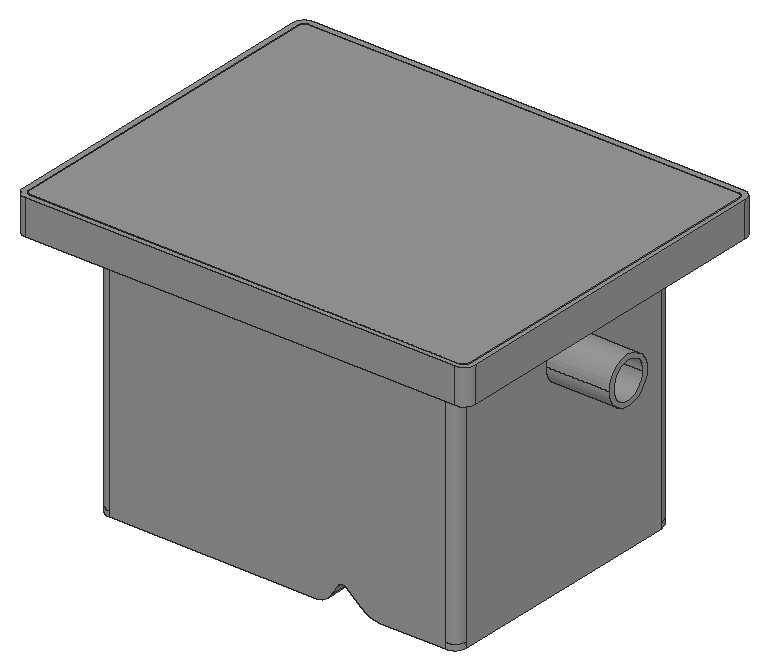
Revit family "Lil_S", category Plumbing Fixtures, Revit 2019
Family settings
  Round Connector Dimension = Use Diameter
  Part Type = Normal
  Work Plane-Based = No
  Always vertical = Yes
  Cut with Voids When Loaded = No
  Shared = No
  Room Calculation Point = No
Parameters (values of type "Lil-7-SA")
  top 2 = 2"
  URL = "www.mifab.com"
  TOP1 = 1 1/2"
  TOP THK = 1 1/2"
  Pressure Drop = 0.00 psi
  Model = "MI-G-1-PL-PSB-FSCR"
  Mechanical Flow = 7 GPM
  Material = Polyethylene, High Density
  Manufacturer = "MIFAB"
  FULL DIM = 6"
  F2 = F / 2 - 51/256"  # 205/256"
  F/2 = F / 2  # 1"
  F = 2"
  E = 12 1/2"
  Description = "7GPM Lil Max Sand Interceptor"
  D = 9"
  C = 3 1/2"
  BOTTOM 1 = 9"
  B = 15 1/2"
  A+1 = (A + 1") / 1.95  # 10.51282"
  A = 19 1/2"
Types (8): name | top 2 | Model | Mechanical Flow | F2 | F/2 | F | E | Description | D | C | B | A+1 | A
  (no name) | 2" | "MI-G-1-PL-PSB-FSCR" | 7 GPM | 205/256" | 1" | 2" | 12 1/2" | "7GPM Lil Max Sand Interceptor" | 9" | 3 1/2" | 15 1/2" | 10.51282" | 19 1/2"
  Lil-7-SA | 2" | "MI-G-1-PL-PSB-FSCR" | 7 GPM | 205/256" | 1" | 2" | 12 1/2" | "7GPM Lil Max Sand Interceptor" | 9" | 3 1/2" | 15 1/2" | 10.51282" | 19 1/2"
  Lil-10-SA | 3.09455" | "MI-G-2-PL-PSB-FSCR" | 10 GPM | 205/256" | 1" | 2" | 13 1/4" | "10GPM Lil Max Sand Interceptor" | 9 3/4" | 3 1/2" | 17 1/2" | 12.30769" | 23"
  Lil-15-SA | 3.09455" | "MI-G-3-PL-PSB-FSCR" | 15 GPM | 205/256" | 1" | 2" | 16 3/4" | "15GPM Lil Max Sand Interceptor" | 13 1/4" | 3 1/2" | 17 1/2" | 12.30769" | 23"
  Lil-20-SA | 3.09455" | "MI-G-4-PL-PSB-FSCR" | 20 GPM | 1 77/256" | 1 1/2" | 3" | 14 1/4" | "20GPM Lil Max Sand Interceptor" | 10 3/4" | 3 1/2" | 20 1/2" | 15.64103" | 29 1/2"
  Lil-25-SA | 3.09455" | "MI-G-5-PL-PSB-FSCR" | 25 GPM | 1 77/256" | 1 1/2" | 3" | 18 1/4" | "25GPM Lil Max Sand Interceptor" | 14 3/4" | 3 1/2" | 20 1/2" | 15.64103" | 29 1/2"
  Lil-35-SA | 3.09455" | "MI-G-6-PL-PSB-FSCR" | 35 GPM | 1 77/256" | 1 1/2" | 3" | 22 1/4" | "35GPM Lil Max Sand Interceptor" | 16 3/4" | 5 1/2" | 25 1/2" | 17.4359" | 33"
  Lil-50-SA | 3.09455" | "MI-G-7-PL-PSB-FSCR" | 50 GPM | 1 77/256" | 1 1/2" | 3" | 24 1/4" | "50GPM Lil Max Sand Interceptor" | 18 3/4" | 5 1/2" | 25 1/2" | 17.4359" | 33"
Reference planes (in)
  plane 1 "Center (Front/Back)": y = 0
  plane 2: z = 0
  plane 3 "Center (Left/Right)": x = 0
  plane 4: z = -3.5
  plane 5: z = -12.5
Forms (in)
  Extrusion 1, solid, material "Polyethylene, High Density" <- "Material"
    sketch origin (-0.57139, 0, 0) x (1, 0, 0) y (0, 1, 0)
      loop
        arc (-8.67861, 7.75) -> (-9.03216, 7.60355) -> (-9.17861, 7.25) r 0.5
        line (-9.17861, 7.25) -> (-9.17861, -7.25)
        arc (-9.17861, -7.25) -> (-9.03216, -7.60355) -> (-8.67861, -7.75) r 0.5
        line (-8.67861, -7.75) -> (9.82139, -7.75)
        arc (9.82139, -7.75) -> (10.17494, -7.60355) -> (10.32139, -7.25) r 0.5
        line (10.32139, -7.25) -> (10.32139, 7.25)
        arc (10.32139, 7.25) -> (10.17494, 7.60355) -> (9.82139, 7.75) r 0.5
        line (9.82139, 7.75) -> (-8.67861, 7.75)
      loop
        arc (-8.92861, -7.25) -> (-8.85539, -7.42678) -> (-8.67861, -7.5) r 0.25
        line (-8.67861, -7.5) -> (9.82139, -7.5)
        arc (9.82139, -7.5) -> (9.99817, -7.42678) -> (10.07139, -7.25) r 0.25
        line (10.07139, -7.25) -> (10.07139, 7.25)
        arc (10.07139, 7.25) -> (9.99817, 7.42678) -> (9.82139, 7.5) r 0.25
        line (9.82139, 7.5) -> (-8.67861, 7.5)
        arc (-8.67861, 7.5) -> (-8.85539, 7.42678) -> (-8.92861, 7.25) r 0.25
        line (-8.92861, 7.25) -> (-8.92861, -7.25)
    from -1.5 to 0
  Extrusion 2, solid, material "Polyethylene, High Density" <- "Material"
    sketch origin (0, 0, 0) x (1, 0, 0) y (0, 1, 0)
      loop
        arc (-7.25, 5.75) -> (-7.60355, 5.60355) -> (-7.75, 5.25) r 0.5
        line (-7.75, 5.25) -> (-7.75, -5.25)
        arc (-7.75, -5.25) -> (-7.60355, -5.60355) -> (-7.25, -5.75) r 0.5
        line (-7.25, -5.75) -> (7.25, -5.75)
        arc (7.25, -5.75) -> (7.60355, -5.60355) -> (7.75, -5.25) r 0.5
        line (7.75, -5.25) -> (7.75, 5.25)
        arc (7.75, 5.25) -> (7.60355, 5.60355) -> (7.25, 5.75) r 0.5
        line (7.25, 5.75) -> (-7.25, 5.75)
      loop
        arc (-7.5, -5.25) -> (-7.42678, -5.42678) -> (-7.25, -5.5) r 0.25
        line (-7.25, -5.5) -> (7.25, -5.5)
        arc (7.25, -5.5) -> (7.42678, -5.42678) -> (7.5, -5.25) r 0.25
        line (7.5, -5.25) -> (7.5, 5.25)
        arc (7.5, 5.25) -> (7.42678, 5.42678) -> (7.25, 5.5) r 0.25
        line (7.25, 5.5) -> (-7.25, 5.5)
        arc (-7.25, 5.5) -> (-7.42678, 5.42678) -> (-7.5, 5.25) r 0.25
        line (-7.5, 5.25) -> (-7.5, -5.25)
    from -12.5 to -1.5
  Extrusion 3, solid, material "Polyethylene, High Density" <- "Material"
    sketch origin (0, 0, 0) x (0, 1, 0) y (0, 0, 1)
      loop
        circle (0, -3.5) r 1
    from 7.5 to 10.51282
  Extrusion 4, void
    sketch origin (0, 0, 0) x (0, 1, 0) y (0, 0, 1)
      loop
        circle (0, -3.5) r 0.80078
    from -10.51282 to 10.51282
  Extrusion 5, solid, material "Polyethylene, High Density" <- "Material"
    sketch origin (0, 0, 0) x (0, 1, 0) y (0, 0, -1)
      loop
        circle (0, 3.5) r 1
    from 7.5 to 10.51282
  Extrusion 6, solid, material "Polyethylene, High Density" <- "Material"
    sketch origin (0, 0, 0) x (1, 0, 0) y (0, 1, 0)
      loop
        line (-9.5, 7.25) -> (-9.5, -7.25)
        arc (-9.5, -7.25) -> (-9.42678, -7.42678) -> (-9.25, -7.5) r 0.25
        line (-9.25, -7.5) -> (9.25, -7.5)
        arc (9.25, -7.5) -> (9.42678, -7.42678) -> (9.5, -7.25) r 0.25
        line (9.5, -7.25) -> (9.5, 7.25)
        arc (9.5, 7.25) -> (9.42678, 7.42678) -> (9.25, 7.5) r 0.25
        line (9.25, 7.5) -> (-9.25, 7.5)
        arc (-9.25, 7.5) -> (-9.42678, 7.42678) -> (-9.5, 7.25) r 0.25
      loop
        line (-7.5, 5.25) -> (-7.5, -5.25)
        arc (-7.5, -5.25) -> (-7.42678, -5.42678) -> (-7.25, -5.5) r 0.25
        line (-7.25, -5.5) -> (7.25, -5.5)
        arc (7.25, -5.5) -> (7.42678, -5.42678) -> (7.5, -5.25) r 0.25
        line (7.5, -5.25) -> (7.5, 5.25)
        arc (7.5, 5.25) -> (7.42678, 5.42678) -> (7.25, 5.5) r 0.25
        line (7.25, 5.5) -> (-7.25, 5.5)
        arc (-7.25, 5.5) -> (-7.42678, 5.42678) -> (-7.5, 5.25) r 0.25
    from -1.5 to -1.27407
  Extrusion 7, solid, material "Polyethylene, High Density" <- "Material"
    sketch origin (0, 0, 0) x (1, 0, 0) y (0, 0, 1)
      loop
        line (-7.75, -12.5) -> (1.68146, -12.5)
        arc (1.68146, -12.5) -> (2.08444, -12.38254) -> (2.3612, -12.06696) r 0.75
        line (2.3612, -12.06696) -> (2.63018, -11.66446)
        arc (2.63018, -11.66446) -> (2.78411, -11.56852) -> (2.95785, -11.6206) r 0.22028
        line (2.95785, -11.6206) -> (3.61676, -12.19339)
        arc (3.61676, -12.19339) -> (3.99907, -12.42084) -> (4.43683, -12.5) r 1.25
        line (4.43683, -12.5) -> (7.75, -12.5) -> (7.75, -12.25) -> (4.43683, -12.25)
        arc (4.43683, -12.25) -> (4.08662, -12.18667) -> (3.78077, -12.00471) r 1
        line (3.78077, -12.00471) -> (3.10631, -11.41841)
        arc (3.10631, -11.41841) -> (2.74971, -11.3115) -> (2.43377, -11.50842) r 0.45213
        line (2.43377, -11.50842) -> (2.14162, -11.94558)
        arc (2.14162, -11.94558) -> (1.95733, -12.16701) -> (1.68146, -12.25) r 0.5
        line (1.68146, -12.25) -> (-7.75, -12.25) -> (-7.75, -12.5)
    from -5.75 to 5.75
  Extrusion 8, void
    sketch origin (0, 0, 0) x (1, 0, 0) y (0, 0, 1)
      loop
        line (1.68146, -12.5) -> (4.43683, -12.5)
        arc (4.43683, -12.5) -> (3.99907, -12.42084) -> (3.61676, -12.19339) r 1.25
        line (3.61676, -12.19339) -> (2.95785, -11.6206)
        arc (2.95785, -11.6206) -> (2.78411, -11.56852) -> (2.63018, -11.66446) r 0.22028
        line (2.63018, -11.66446) -> (2.3612, -12.06696)
        arc (2.3612, -12.06696) -> (2.08444, -12.38254) -> (1.68146, -12.5) r 0.75
    from -13.05949 to 13.44892
  Extrusion 9, void
    sketch origin (0, 0, 0) x (1, 0, 0) y (0, 1, 0)
      loop
        arc (-7.25, 5.75) -> (-7.60355, 5.60355) -> (-7.75, 5.25) r 0.5
        line (-7.75, 5.25) -> (-7.75, -5.25)
        arc (-7.75, -5.25) -> (-7.60355, -5.60355) -> (-7.25, -5.75) r 0.5
        line (-7.25, -5.75) -> (7.25, -5.75)
        arc (7.25, -5.75) -> (7.60355, -5.60355) -> (7.75, -5.25) r 0.5
        line (7.75, -5.25) -> (7.75, 5.25)
        arc (7.75, 5.25) -> (7.60355, 5.60355) -> (7.25, 5.75) r 0.5
        line (7.25, 5.75) -> (-7.25, 5.75)
      loop
        arc (-7.25, 6) -> (-7.78033, 5.78033) -> (-8, 5.25) r 0.75
        line (-8, 5.25) -> (-8, -5.25)
        arc (-8, -5.25) -> (-7.78033, -5.78033) -> (-7.25, -6) r 0.75
        line (-7.25, -6) -> (7.25, -6)
        arc (7.25, -6) -> (7.78033, -5.78033) -> (8, -5.25) r 0.75
        line (8, -5.25) -> (8, 5.25)
        arc (8, 5.25) -> (7.78033, 5.78033) -> (7.25, 6) r 0.75
        line (7.25, 6) -> (-7.25, 6)
    from -12.5 to -8.24153
  Extrusion 10, solid, material "Polytetrafluoroethylene"
    sketch origin (0, 0, 0) x (1, 0, 0) y (0, 1, 0)
      loop
        arc (-9.5, -7.25) -> (-9.42678, -7.42678) -> (-9.25, -7.5) r 0.25
        line (-9.25, -7.5) -> (9.25, -7.5)
        arc (9.25, -7.5) -> (9.42678, -7.42678) -> (9.5, -7.25) r 0.25
        line (9.5, -7.25) -> (9.5, 7.25)
        arc (9.5, 7.25) -> (9.42678, 7.42678) -> (9.25, 7.5) r 0.25
        line (9.25, 7.5) -> (-9.25, 7.5)
        arc (-9.25, 7.5) -> (-9.42678, 7.42678) -> (-9.5, 7.25) r 0.25
        line (-9.5, 7.25) -> (-9.5, -7.25)
    from -1.27407 to 0
Cuts and joins
  Extrusion 4 cuts Extrusion 1
  Extrusion 4, Extrusion 8 cuts Extrusion 2
  Extrusion 4 cuts Extrusion 3
  Extrusion 4 cuts Extrusion 5
  Extrusion 4 cuts Extrusion 6
  Extrusion 4, Extrusion 8, Extrusion 9 cuts Extrusion 7
  joined: Extrusion 1, Extrusion 2, Extrusion 3, Extrusion 5, Extrusion 6, Extrusion 7
Dimensions and locks (in)
  "D": plane 5 to plane 4
  "C": level to plane 4
  equal spacing: Extrusion 1 sketch curve, plane 1 "Center (Front/Back)", Extrusion 1 sketch curve
  plane 1 "Center (Front/Back)" to Extrusion 1 sketch curve = 7 3/4"
  equal spacing: Extrusion 1, plane 3 "Center (Left/Right)", Extrusion 1
  "A+1": Extrusion 3 to plane 3 "Center (Left/Right)"
  "A": Extrusion 1 sketch curve to Extrusion 1 sketch curve
  equal spacing: Extrusion 1 sketch curve, plane 3 "Center (Left/Right)", Extrusion 1 sketch curve
  "A+1": cut or joined group 1 (Extrusion 1, Extrusion 2, Extrusion 3, Extrusion 4, Extrusion 5, Extrusion 6, Extrusion 7, Extrusion 8, Extrusion 9) to plane 3 "Center (Left/Right)"
  locked: Extrusion 6 to Extrusion 1 at 0.22593
  equal spacing: Extrusion 2 sketch curve, plane 3 "Center (Left/Right)", Extrusion 2 sketch curve
  equal spacing: Extrusion 2 sketch curve, plane 1 "Center (Front/Back)", Extrusion 2 sketch curve
  cut or joined group 1 to cut or joined group 1 = 1/4"
  locked: cut or joined group 1 to cut or joined group 1 at 0.25  (x3)
  cut or joined group 1 to cut or joined group 1 = 2"
  locked: cut or joined group 1 to cut or joined group 1 at 2
  locked: Extrusion 6 sketch curve to cut or joined group 1 at 2  (x2)
  "B": cut or joined group 1 to cut or joined group 1
  locked: cut or joined group 1 to cut or joined group 1 at 2.25  (x2)
  "F/2": radius of Extrusion 3 sketch curve
  "F2": radius of Extrusion 4 sketch curve
  "F/2": radius of Extrusion 5 sketch curve
  aligned and locked: plane 2 to level
  aligned and locked: level to Extrusion 1
  aligned and locked: Extrusion 2 to plane 5
  aligned and locked: Extrusion 2 to Extrusion 1
  aligned and locked: plane 1 "Center (Front/Back)" to Extrusion 3 sketch curve
  aligned and locked: plane 4 to Extrusion 3 sketch curve
  aligned and locked: plane 1 "Center (Front/Back)" to Extrusion 4 sketch curve
  aligned and locked: plane 4 to Extrusion 4 sketch curve
  aligned and locked: Extrusion 6 sketch curve to Extrusion 1  (x4)
  aligned and locked: Extrusion 1 to Extrusion 6
  aligned and locked: Extrusion 7 sketch curve to cut or joined group 1
  aligned and locked: Extrusion 8 sketch curve to cut or joined group 1  (x3)
  aligned and locked: cut or joined group 1 to Extrusion 8 sketch curve
  aligned and locked: cut or joined group 1 to Extrusion 6 sketch curve  (x2)
  aligned and locked: Extrusion 7 to Extrusion 2  (x2)
  aligned and locked: Extrusion 2 to Extrusion 7
  aligned and locked: Extrusion 2 to Extrusion 3
  aligned and locked: Extrusion 2 to Extrusion 5
  aligned and locked: Extrusion 9 sketch curve to cut or joined group 1  (x4)
  aligned and locked: Extrusion 9 to plane 5
  aligned and locked: Extrusion 10 sketch curve to cut or joined group 1  (x4)
  aligned and locked: Extrusion 10 to cut or joined group 1
  aligned and locked: level to Extrusion 10
  aligned and locked: Extrusion 3 to Extrusion 4
  aligned and locked: Extrusion 5 to Extrusion 4
  aligned and locked: plane 4 to Extrusion 5 sketch curve
  aligned and locked: plane 1 "Center (Front/Back)" to Extrusion 5 sketch curve
Automatic sketch dimensions
  Extrusion 6 sketch curve to Extrusion 6 sketch curve = 1/4"  (x6)
  Extrusion 8 sketch curve to Extrusion 8 sketch curve = 0.67973"
  plane 5 to Extrusion 8 sketch curve = 0.30661"
  Extrusion 8 sketch curve to Extrusion 8 sketch curve = 0.26899"
  Extrusion 8 sketch curve to Extrusion 8 sketch curve = 0.12239"
  Extrusion 8 sketch curve to Extrusion 8 sketch curve = 37/256"
  Extrusion 2 sketch curve to plane 3 "Center (Left/Right)" = 7 3/4"
  Extrusion 2 sketch curve to Extrusion 2 sketch curve = 1/2"  (x4)
  Extrusion 2 sketch curve to Extrusion 2 sketch curve = 0"  (x11)
  Extrusion 2 sketch curve to Extrusion 2 sketch curve = 1/4"
  plane 1 "Center (Front/Back)" to Extrusion 2 sketch curve = 5 3/4"
  Extrusion 6 sketch curve to Extrusion 6 sketch curve = 2"
  Extrusion 7 sketch curve to Extrusion 7 sketch curve = 0"  (x4)
  Extrusion 7 sketch curve to plane 5 = 0"
  Extrusion 7 sketch curve to plane 3 "Center (Left/Right)" = 7 3/4"
  plane 5 to Extrusion 7 sketch curve = 1/4"
  plane 3 "Center (Left/Right)" to Extrusion 7 sketch curve = 1.68146"
  plane 5 to Extrusion 7 sketch curve = 0.55442"
  Extrusion 7 sketch curve to Extrusion 7 sketch curve = 0.46016"
  plane 5 to Extrusion 7 sketch curve = 0.43304"
  Extrusion 7 sketch curve to Extrusion 7 sketch curve = 0.29215"
  plane 5 to Extrusion 7 sketch curve = 0.83554"
  Extrusion 7 sketch curve to Extrusion 7 sketch curve = 0.19641"
  Extrusion 7 sketch curve to Extrusion 7 sketch curve = 0.1795"
  Extrusion 7 sketch curve to Extrusion 7 sketch curve = 0.00364"
  plane 5 to Extrusion 7 sketch curve = 0.8794"
  Extrusion 7 sketch curve to Extrusion 7 sketch curve = 0.14816"
  plane 5 to Extrusion 7 sketch curve = 1.08159"
  Extrusion 7 sketch curve to Extrusion 7 sketch curve = 0.14846"
  plane 5 to Extrusion 7 sketch curve = 0.30661"
  Extrusion 7 sketch curve to Extrusion 7 sketch curve = 0.65891"
  plane 5 to Extrusion 7 sketch curve = 0.49529"
  Extrusion 7 sketch curve to Extrusion 7 sketch curve = 0.16401"
  Extrusion 7 sketch curve to Extrusion 7 sketch curve = 0.65606"
  Extrusion 7 sketch curve to Extrusion 7 sketch curve = 3.31317"
  Extrusion 7 sketch curve to Extrusion 7 sketch curve = 0.02722"
  Extrusion 9 sketch curve to Extrusion 9 sketch curve = 0"  (x7)
  Extrusion 9 sketch curve to Extrusion 9 sketch curve = 1/4"
  Extrusion 1 sketch curve to Extrusion 1 sketch curve = 0"  (x7)
  Extrusion 1 sketch curve to Extrusion 1 sketch curve = 1/4"  (x5)
  Extrusion 3 sketch curve to plane 4 = 0"
Connectors (in)
  piping at (10.51282, 0, -3.5), diameter 2, driven by "F", driven by "Mechanical Flow"
    settings: on cut or joined group 1, index 1, connector inside diameter 24", connector length 0", flow factor 0, pipe flow 7 GPM, pressure drop 0.00 psi, fitting loss kfactor 0, connector angle 0.00°, fixture units 0, engagement length 0", angle of deflection 0.00°, flow configuration 0, flow direction 0, fitting loss method 0, system type 7, joint type 0, gender type 0, connector reference index -1, connector utility 0, adjustable connector no, is connector primary yes, connector description ""
  piping at (-10.51282, 0, -3.5), diameter 2, driven by "F", driven by "Mechanical Flow"
    settings: on cut or joined group 1, index 2, connector inside diameter 24", connector length 0", flow factor 0, pipe flow 7 GPM, pressure drop 0.00 psi, fitting loss kfactor 0, connector angle 0.00°, fixture units 0, engagement length 0", angle of deflection 0.00°, flow configuration 0, flow direction 0, fitting loss method 0, system type 7, joint type 0, gender type 0, connector reference index -1, connector utility 0, adjustable connector no, is connector primary no, connector description ""
